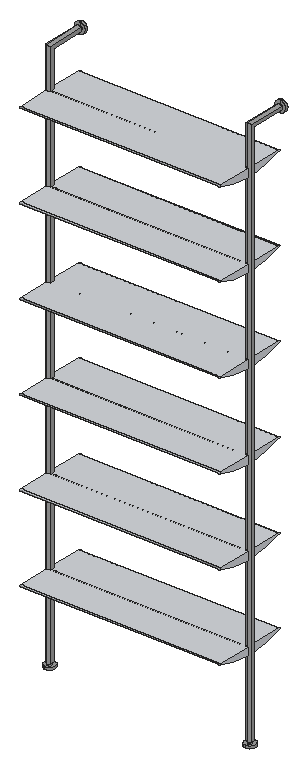
Revit family "Sailor_Modulo_Base_Parete", category Arredi, Revit 2017
Family settings
  Numero OmniClass = 23.40.20.00
  Titolo OmniClass = General Furniture and Specialties
  Basato su piano di lavoro = No
  Sempre verticale = Sì
  Taglio con vuoti quando caricato = No
  Condiviso = No
  Punto di calcolo locali = No
Parameters
  VisibRipiano6 [instance] = yes
  VisibRipiano5 [instance] = yes
  VisibRipiano4 [instance] = yes
  VisibRipiano3 [instance] = yes
  VisibRipiano1 [instance] = yes
  VisibRipiano2 [instance] = yes
  URL = "www.livingdivani.it"
  Ripiani = none
  Produttore = "Living Divani"
  PrimaAsta = yes
  Modello = "Sailor"
  LunghezzaRipiano [instance] = 900 mm
  Aste = Materiale per il rendering 128-128-128
Reference planes
  plane 1 "Centro (Fronte/Retro)": y = 0
  plane 2: z = 0
  plane 3 "Centro (Sinistra/Destra)": x = 0
  plane 4: y = 0
  plane 5 "Lunghezza Ripiano": x = 900
  plane 6 "primo ripiano": z = 383
  plane 7: y = 0
  plane 8: y = 0
  plane 9: y = 0
  plane 10: y = 0
  plane 11: y = 0
Forms (mm)
  Revolve 1, solid, material "Materiale per il rendering 128-128-128" <- "Aste", visible <- "PrimaAsta"
    sketch origin (0, 0, 0) x (0, 1, 0) y (0, 0, 1)
      loop
        line (0, 20) -> (0, 0) -> (19, 0) -> (20.125, 2.25) -> (25, 2.25) -> (25, 9.915) -> (7.761, 9.915) -> (6.996, 12.974) -> (5, 12.974) -> (5, 14.189) -> (7.229, 20) -> (0, 20)
      axis (0, 0) -> (0, 20)
    angle from 0 to 360
  Extrusion 2, solid, material <- "Ripiani", visible <- "VisibRipiano1"
    sketch origin (0, -315.449, -968.719) x (0, 1, 0) y (0, 0, 1)
      loop
        arc (153.449, 1369.219) -> (150.496, 1366.748) -> (152.408, 1363.405) r 3
        arc (152.408, 1363.405) -> (315.449, 1334.219) -> (478.489, 1363.405) r 469.983
        arc (478.489, 1363.405) -> (480.402, 1366.748) -> (477.449, 1369.219) r 3
        line (477.449, 1369.219) -> (153.449, 1369.219)
      loop
        circle (315.449, 1351.719) r 8
    from 0 to 900 <- "LunghezzaRipiano"
  Extrusion 3, solid, visible <- "PrimaAsta", not visible
    sketch origin (0, 0, 0) x (1, 0, 0) y (0, 1, 0)
      loop
        line (12.5, 7.217) -> (0, 14.434) -> (-12.5, 7.217) -> (-12.5, -7.217) -> (0, -14.434) -> (12.5, -7.217) -> (12.5, 7.217)
    from 20 to 2670
  Revolve 4, solid, visible <- "PrimaAsta", not visible
    sketch origin (0, 0, 0) x (0, 1, 0) y (0, 0, 1)
      loop
        line (0, 20) -> (0, 0) -> (19, 0) -> (20.125, 2.25) -> (25, 2.25) -> (25, 9.915) -> (7.761, 9.915) -> (6.996, 12.974) -> (5, 12.974) -> (5, 14.189) -> (7.229, 20) -> (0, 20)
      axis (0, 0) -> (0, 20)
    angle from 0 to 360
  Revolve 5, solid, visible <- "PrimaAsta", not visible
    sketch origin (0, 0, 2690) x (0, 1, 0) y (0, 0, -1)
      loop
        line (0, 20) -> (0, 0) -> (19, 0) -> (20.125, 2.25) -> (25, 2.25) -> (25, 9.915) -> (7.761, 9.915) -> (6.996, 12.974) -> (5, 12.974) -> (5, 14.189) -> (7.229, 20) -> (0, 20)
      axis (0, 0) -> (0, 20)
    angle from 0 to 360
  Revolve 6, solid, material "Materiale per il rendering 128-128-128" <- "Aste"
    sketch origin (900, 0, 0) x (0, 1, 0) y (0, 0, 1)
      loop
        line (0, 20) -> (0, 0) -> (19, 0) -> (20.125, 2.25) -> (25, 2.25) -> (25, 9.915) -> (7.761, 9.915) -> (6.996, 12.974) -> (5, 12.974) -> (5, 14.189) -> (7.229, 20) -> (0, 20)
      axis (0, 0) -> (0, 20)
    angle from 0 to 360
  Extrusion 7, solid, material <- "Ripiani", visible <- "VisibRipiano2"
    sketch origin (0, -315.449, -583.719) x (0, 1, 0) y (0, 0, 1)
      loop
        arc (153.449, 1369.219) -> (150.496, 1366.748) -> (152.408, 1363.405) r 3
        arc (152.408, 1363.405) -> (315.449, 1334.219) -> (478.489, 1363.405) r 469.983
        arc (478.489, 1363.405) -> (480.402, 1366.748) -> (477.449, 1369.219) r 3
        line (477.449, 1369.219) -> (153.449, 1369.219)
      loop
        circle (315.449, 1351.719) r 8
    from 0 to 900 <- "LunghezzaRipiano"
  Extrusion 8, solid, material <- "Ripiani", visible <- "VisibRipiano3"
    sketch origin (0, -315.449, -198.719) x (0, 1, 0) y (0, 0, 1)
      loop
        arc (153.449, 1369.219) -> (150.496, 1366.748) -> (152.408, 1363.405) r 3
        arc (152.408, 1363.405) -> (315.449, 1334.219) -> (478.489, 1363.405) r 469.983
        arc (478.489, 1363.405) -> (480.402, 1366.748) -> (477.449, 1369.219) r 3
        line (477.449, 1369.219) -> (153.449, 1369.219)
      loop
        circle (315.449, 1351.719) r 8
    from 0 to 900 <- "LunghezzaRipiano"
  Extrusion 9, solid, material <- "Ripiani", visible <- "VisibRipiano4"
    sketch origin (0, -315.449, 186.281) x (0, 1, 0) y (0, 0, 1)
      loop
        arc (153.449, 1369.219) -> (150.496, 1366.748) -> (152.408, 1363.405) r 3
        arc (152.408, 1363.405) -> (315.449, 1334.219) -> (478.489, 1363.405) r 469.983
        arc (478.489, 1363.405) -> (480.402, 1366.748) -> (477.449, 1369.219) r 3
        line (477.449, 1369.219) -> (153.449, 1369.219)
      loop
        circle (315.449, 1351.719) r 8
    from 0 to 900 <- "LunghezzaRipiano"
  Extrusion 10, solid, material <- "Ripiani", visible <- "VisibRipiano5"
    sketch origin (0, -315.449, 571.281) x (0, 1, 0) y (0, 0, 1)
      loop
        arc (153.449, 1369.219) -> (150.496, 1366.748) -> (152.408, 1363.405) r 3
        arc (152.408, 1363.405) -> (315.449, 1334.219) -> (478.489, 1363.405) r 469.983
        arc (478.489, 1363.405) -> (480.402, 1366.748) -> (477.449, 1369.219) r 3
        line (477.449, 1369.219) -> (153.449, 1369.219)
      loop
        circle (315.449, 1351.719) r 8
    from 0 to 900 <- "LunghezzaRipiano"
  Extrusion 11, solid, material <- "Ripiani", visible <- "VisibRipiano6"
    sketch origin (0, -315.449, 956.281) x (0, 1, 0) y (0, 0, 1)
      loop
        arc (153.449, 1369.219) -> (150.496, 1366.748) -> (152.408, 1363.405) r 3
        arc (152.408, 1363.405) -> (315.449, 1334.219) -> (478.489, 1363.405) r 469.983
        arc (478.489, 1363.405) -> (480.402, 1366.748) -> (477.449, 1369.219) r 3
        line (477.449, 1369.219) -> (153.449, 1369.219)
      loop
        circle (315.449, 1351.719) r 8
    from 0 to 900 <- "LunghezzaRipiano"
  Extrusion 12, void
    sketch origin (-112.713, -21.581, 0) x (1, 0, 0) y (0, 1, 0)
      loop
        line (112.713, 36.015) -> (112.713, 7.147) -> (125.213, 14.364) -> (125.213, 28.798) -> (112.713, 36.015)
    from 361.476 to 406.494
  Extrusion 13, void
    sketch origin (862.713, -21.581, 0) x (-1, 0, 0) y (0, -1, 0)
      loop
        line (-37.287, -36.015) -> (-24.787, -28.798) -> (-24.787, -14.364) -> (-37.287, -7.147) -> (-37.287, -36.015)
    from 361.476 to 406.494
  Extrusion 14, void
    sketch origin (-112.713, -21.581, 385.443) x (0, -1, 0) y (1, 0, 0)
      loop
        line (-36.015, 112.713) -> (-7.147, 112.713) -> (-14.364, 125.213) -> (-28.798, 125.213) -> (-36.015, 112.713)
    from 361.476 to 406.494
  Extrusion 15, void
    sketch origin (862.713, -21.581, 385.443) x (0, 1, 0) y (-1, 0, 0)
      loop
        line (36.015, -37.287) -> (28.798, -24.787) -> (14.364, -24.787) -> (7.147, -37.287) -> (36.015, -37.287)
    from 361.476 to 406.494
  Extrusion 16, void
    sketch origin (-112.713, -21.581, 770.443) x (0, -1, 0) y (1, 0, 0)
      loop
        line (-36.015, 112.713) -> (-7.147, 112.713) -> (-14.364, 125.213) -> (-28.798, 125.213) -> (-36.015, 112.713)
    from 361.476 to 406.494
  Extrusion 17, void
    sketch origin (862.713, -21.581, 770.443) x (0, 1, 0) y (-1, 0, 0)
      loop
        line (36.015, -37.287) -> (28.798, -24.787) -> (14.364, -24.787) -> (7.147, -37.287) -> (36.015, -37.287)
    from 361.476 to 406.494
  Extrusion 18, void
    sketch origin (-112.713, -21.581, 1155.443) x (0, -1, 0) y (1, 0, 0)
      loop
        line (-36.015, 112.713) -> (-7.147, 112.713) -> (-14.364, 125.213) -> (-28.798, 125.213) -> (-36.015, 112.713)
    from 361.476 to 406.494
  Extrusion 19, void
    sketch origin (862.713, -21.581, 1155.443) x (0, 1, 0) y (-1, 0, 0)
      loop
        line (36.015, -37.287) -> (28.798, -24.787) -> (14.364, -24.787) -> (7.147, -37.287) -> (36.015, -37.287)
    from 361.476 to 406.494
  Extrusion 20, void
    sketch origin (-112.713, -21.581, 1540.443) x (0, -1, 0) y (1, 0, 0)
      loop
        line (-36.015, 112.713) -> (-7.147, 112.713) -> (-14.364, 125.213) -> (-28.798, 125.213) -> (-36.015, 112.713)
    from 361.476 to 406.494
  Extrusion 21, void
    sketch origin (862.713, -21.581, 1540.443) x (0, 1, 0) y (-1, 0, 0)
      loop
        line (36.015, -37.287) -> (28.798, -24.787) -> (14.364, -24.787) -> (7.147, -37.287) -> (36.015, -37.287)
    from 361.476 to 406.494
  Extrusion 22, void
    sketch origin (-112.713, -21.581, 1925.443) x (0, -1, 0) y (1, 0, 0)
      loop
        line (-36.015, 112.713) -> (-7.147, 112.713) -> (-14.364, 125.213) -> (-28.798, 125.213) -> (-36.015, 112.713)
    from 361.476 to 406.494
  Extrusion 23, void
    sketch origin (862.713, -21.581, 1925.443) x (0, 1, 0) y (-1, 0, 0)
      loop
        line (36.015, -37.287) -> (28.798, -24.787) -> (14.364, -24.787) -> (7.147, -37.287) -> (36.015, -37.287)
    from 361.476 to 406.494
  Sweep 24, solid, material "Materiale per il rendering 128-128-128" <- "Aste", visible <- "PrimaAsta"
    path origin (0, 0, 0) x (0, 1, 0) y (0, 0, 1)
      loop
        line (0, 20) -> (0, 2496) -> (160.566, 2496)
    profile origin (0, 0, 1258) x (0, -1, 0) y (1, 0, 0)
      loop
        line (-14.434, 0) -> (-7.217, -12.5) -> (7.217, -12.5) -> (14.434, 0) -> (7.217, 12.5) -> (-7.217, 12.5) -> (-14.434, 0)
  Revolve 25, solid, material "Materiale per il rendering 128-128-128" <- "Aste", visible <- "PrimaAsta"
    sketch origin (0, 180.566, 2496) x (0, 0, 1) y (0, -1, 0)
      loop
        line (0, 20) -> (0, -15) -> (3, -15) -> (3, 0) -> (19, 0) -> (20.125, 2.25) -> (25, 2.25) -> (25, 9.915) -> (7.761, 9.915) -> (6.996, 12.974) -> (5, 12.974) -> (5, 14.189) -> (7.229, 20) -> (0, 20)
      axis (0, -15) -> (0, 20)
    angle from 0 to 360
  Sweep 26, solid, material "Materiale per il rendering 128-128-128" <- "Aste"
    path origin (900, 551.923, 1200) x (0, 1, 0) y (0, 0, 1)
      loop
        line (-551.923, -1180) -> (-551.923, 1296) -> (-391.357, 1296)
    profile origin (900, 0, 1258) x (0, -1, 0) y (1, 0, 0)
      loop
        line (14.434, 0) -> (7.217, 12.5) -> (-7.217, 12.5) -> (-14.434, 0) -> (-7.217, -12.5) -> (7.217, -12.5) -> (14.434, 0)
  Revolve 27, solid, material "Materiale per il rendering 128-128-128" <- "Aste"
    sketch origin (900, 180.566, 2496) x (0, 0, 1) y (0, 1, 0)
      loop
        line (0, -20) -> (7.229, -20) -> (5, -14.189) -> (5, -12.974) -> (6.996, -12.974) -> (7.761, -9.915) -> (25, -9.915) -> (25, -2.25) -> (20.125, -2.25) -> (19, 0) -> (3, 0) -> (3, 15) -> (0, 15) -> (0, -20)
      axis (0, 15) -> (0, -20)
    angle from 0 to 360
Cuts and joins
  Extrusion 12, Extrusion 13, Extrusion 14, Extrusion 15 cuts Extrusion 2
  Extrusion 12, Extrusion 13, Extrusion 22, Extrusion 23 cuts Extrusion 11
  Extrusion 14, Extrusion 15, Extrusion 16 cuts Extrusion 7
  Extrusion 16, Extrusion 17, Extrusion 18 cuts Extrusion 8
  Extrusion 18, Extrusion 19, Extrusion 20 cuts Extrusion 9
  Extrusion 20, Extrusion 21, Extrusion 22 cuts Extrusion 10
Dimensions and locks
  equal spacing: Extrusion 2 sketch curve, plane 4, Extrusion 2 sketch curve, locked at 165 each
  "LunghezzaRipiano": plane 3 "Centro (Sinistra/Destra)" to plane 5 "Lunghezza Ripiano"
  plane 6 "primo ripiano" to level = 383 mm
  equal spacing: Extrusion 7 sketch curve, plane 7, Extrusion 7 sketch curve, locked at 165 each
  Extrusion 7 to plane 6 "primo ripiano" = 385 mm
  equal spacing: Extrusion 8 sketch curve, plane 8, Extrusion 8 sketch curve, locked at 165 each
  equal spacing: Extrusion 9 sketch curve, plane 9, Extrusion 9 sketch curve, locked at 165 each
  equal spacing: Extrusion 10 sketch curve, plane 10, Extrusion 10 sketch curve, locked at 165 each
  equal spacing: Extrusion 11 sketch curve, plane 11, Extrusion 11 sketch curve, locked at 165 each
  aligned and locked: level to plane 2
  aligned and locked: plane 4 to plane 1 "Centro (Fronte/Retro)"
  aligned and locked: plane 6 "primo ripiano" to Extrusion 2
  aligned and locked: cut or joined group of Extrusion 11, Extrusion 12, Extrusion 13, Extrusion 22, Extrusion 23 to cut or joined group of Extrusion 2, Extrusion 12, Extrusion 13, Extrusion 14, Extrusion 15  (x2)
  aligned and locked: plane 5 "Lunghezza Ripiano" to Revolve 6
  aligned and locked: Sweep 24 to Revolve 25
  aligned and locked: plane 5 "Lunghezza Ripiano" to Revolve 27
Automatic sketch dimensions
  Extrusion 3 sketch curve to Extrusion 3 sketch curve = 7.217 mm  (x4)
  Revolve 4 sketch curve to Revolve 4 sketch curve = 1.996 mm
  Revolve 4 sketch curve to Revolve 4 sketch curve = 2.229 mm
  Revolve 4 sketch curve to Revolve 4 sketch curve = 0.765 mm
  Revolve 4 sketch curve to Revolve 4 sketch curve = 11.239 mm
  Revolve 4 sketch curve to Revolve 4 sketch curve = 1.125 mm
  Revolve 4 sketch curve to Revolve 4 sketch curve = 4.875 mm
  Revolve 4 sketch curve to Revolve 4 sketch curve = 3.059 mm
  Revolve 4 sketch curve to Revolve 4 sketch curve = 1.216 mm
  Revolve 4 sketch curve to Revolve 4 sketch curve = 5.811 mm
  Revolve 4 sketch curve to Revolve 4 sketch curve = 2780 mm
  Revolve 5 sketch curve to Revolve 5 sketch curve = 1.996 mm
  Revolve 5 sketch curve to Revolve 5 sketch curve = 2.229 mm
  Revolve 5 sketch curve to Revolve 5 sketch curve = 0.765 mm
  Revolve 5 sketch curve to Revolve 5 sketch curve = 11.239 mm
  Revolve 5 sketch curve to Revolve 5 sketch curve = 1.125 mm
  Revolve 5 sketch curve to Revolve 5 sketch curve = 4.875 mm
  Revolve 5 sketch curve to Revolve 5 sketch curve = 2.25 mm
  Revolve 5 sketch curve to Revolve 5 sketch curve = 9.915 mm
  Revolve 5 sketch curve to Revolve 5 sketch curve = 3.059 mm
  Revolve 5 sketch curve to Revolve 5 sketch curve = 1.216 mm
  Revolve 5 sketch curve to Revolve 5 sketch curve = 5.811 mm
  Revolve 5 sketch curve to Revolve 5 sketch curve = 0 mm  (x2)
  Extrusion 3 sketch curve to Extrusion 3 sketch curve = 12.5 mm  (x3)
  Extrusion 3 sketch curve to Extrusion 3 sketch curve = 14.434 mm
  Revolve 4 sketch curve to Revolve 4 sketch curve = 5 mm
  Revolve 4 sketch curve to Revolve 4 sketch curve = 2.25 mm
  Revolve 4 sketch curve to Revolve 4 sketch curve = 9.915 mm
  Revolve 4 sketch curve to Revolve 4 sketch curve = 0 mm  (x2)
  Revolve 5 sketch curve to Revolve 5 sketch curve = 5 mm
  Revolve 5 sketch curve to Revolve 5 sketch curve = 2780 mm
  Revolve 1 sketch curve to level = 0 mm  (x2)
  Revolve 1 sketch curve to plane 1 "Centro (Fronte/Retro)" = 0 mm  (x2)
  Revolve 1 sketch curve to plane 1 "Centro (Fronte/Retro)" = 5 mm
  Revolve 1 sketch curve to Revolve 1 sketch curve = 1.996 mm
  Revolve 1 sketch curve to Revolve 1 sketch curve = 2.229 mm
  Revolve 1 sketch curve to Revolve 1 sketch curve = 0.765 mm
  Revolve 1 sketch curve to Revolve 1 sketch curve = 11.239 mm
  level to Revolve 1 sketch curve = 2.25 mm
  Revolve 1 sketch curve to Revolve 1 sketch curve = 1.125 mm
  Revolve 1 sketch curve to Revolve 1 sketch curve = 4.875 mm
  level to Revolve 1 sketch curve = 9.915 mm
  Revolve 1 sketch curve to Revolve 1 sketch curve = 3.059 mm
  Revolve 1 sketch curve to Revolve 1 sketch curve = 1.216 mm
  Revolve 1 sketch curve to Revolve 1 sketch curve = 5.811 mm
  plane 6 "primo ripiano" to Revolve 1 sketch curve = 2417 mm
  Extrusion 2 sketch curve to plane 1 "Centro (Fronte/Retro)" = 0 mm  (x2)
  Extrusion 2 sketch curve to plane 6 "primo ripiano" = 0 mm
  plane 6 "primo ripiano" to Extrusion 2 sketch curve = 17.5 mm
  plane 1 "Centro (Fronte/Retro)" to Extrusion 2 sketch curve = 162 mm
  Extrusion 2 sketch curve to plane 1 "Centro (Fronte/Retro)" = 162 mm
  Extrusion 2 sketch curve to Extrusion 2 sketch curve = 3 mm
  Extrusion 2 sketch curve to Extrusion 2 sketch curve = 452.483 mm
  Extrusion 2 sketch curve to Extrusion 2 sketch curve = 0 mm
  Revolve 6 sketch curve to level = 0 mm  (x2)
  Revolve 6 sketch curve to plane 1 "Centro (Fronte/Retro)" = 0 mm  (x2)
  Revolve 6 sketch curve to plane 1 "Centro (Fronte/Retro)" = 5 mm
  Revolve 6 sketch curve to Revolve 6 sketch curve = 1.996 mm
  Revolve 6 sketch curve to Revolve 6 sketch curve = 2.229 mm
  Revolve 6 sketch curve to Revolve 6 sketch curve = 0.765 mm
  Revolve 6 sketch curve to Revolve 6 sketch curve = 11.239 mm
  level to Revolve 6 sketch curve = 2.25 mm
  Revolve 6 sketch curve to Revolve 6 sketch curve = 1.125 mm
  Revolve 6 sketch curve to Revolve 6 sketch curve = 4.875 mm
  level to Revolve 6 sketch curve = 9.915 mm
  Revolve 6 sketch curve to Revolve 6 sketch curve = 3.059 mm
  Revolve 6 sketch curve to Revolve 6 sketch curve = 1.216 mm
  Revolve 6 sketch curve to Revolve 6 sketch curve = 5.811 mm
  plane 6 "primo ripiano" to Revolve 6 sketch curve = 2417 mm
  Extrusion 7 sketch curve to plane 1 "Centro (Fronte/Retro)" = 0 mm  (x2)
  plane 1 "Centro (Fronte/Retro)" to Extrusion 7 sketch curve = 162 mm
  Extrusion 7 sketch curve to plane 1 "Centro (Fronte/Retro)" = 162 mm
  plane 6 "primo ripiano" to Extrusion 7 sketch curve = 385 mm
  Extrusion 7 sketch curve to Extrusion 7 sketch curve = 14.5 mm
  Extrusion 7 sketch curve to Extrusion 7 sketch curve = 3 mm
  Extrusion 7 sketch curve to Extrusion 7 sketch curve = 452.483 mm
  Extrusion 7 sketch curve to Extrusion 7 sketch curve = 0 mm
  Extrusion 8 sketch curve to plane 1 "Centro (Fronte/Retro)" = 0 mm  (x2)
  plane 1 "Centro (Fronte/Retro)" to Extrusion 8 sketch curve = 162 mm
  Extrusion 8 sketch curve to plane 1 "Centro (Fronte/Retro)" = 162 mm
  plane 6 "primo ripiano" to Extrusion 8 sketch curve = 770 mm
  Extrusion 8 sketch curve to Extrusion 8 sketch curve = 14.5 mm
  Extrusion 8 sketch curve to Extrusion 8 sketch curve = 3 mm
  Extrusion 8 sketch curve to Extrusion 8 sketch curve = 452.483 mm
  Extrusion 8 sketch curve to Extrusion 8 sketch curve = 0 mm
  Extrusion 9 sketch curve to plane 1 "Centro (Fronte/Retro)" = 0 mm  (x2)
  plane 1 "Centro (Fronte/Retro)" to Extrusion 9 sketch curve = 162 mm
  Extrusion 9 sketch curve to plane 1 "Centro (Fronte/Retro)" = 162 mm
  plane 6 "primo ripiano" to Extrusion 9 sketch curve = 1155 mm
  Extrusion 9 sketch curve to Extrusion 9 sketch curve = 14.5 mm
  Extrusion 9 sketch curve to Extrusion 9 sketch curve = 3 mm
  Extrusion 9 sketch curve to Extrusion 9 sketch curve = 452.483 mm
  Extrusion 9 sketch curve to Extrusion 9 sketch curve = 0 mm
  Extrusion 10 sketch curve to plane 1 "Centro (Fronte/Retro)" = 0 mm  (x2)
  plane 1 "Centro (Fronte/Retro)" to Extrusion 10 sketch curve = 162 mm
  Extrusion 10 sketch curve to plane 1 "Centro (Fronte/Retro)" = 162 mm
  plane 6 "primo ripiano" to Extrusion 10 sketch curve = 1540 mm
  Extrusion 10 sketch curve to Extrusion 10 sketch curve = 14.5 mm
  Extrusion 10 sketch curve to Extrusion 10 sketch curve = 3 mm
  Extrusion 10 sketch curve to Extrusion 10 sketch curve = 452.483 mm
  Extrusion 10 sketch curve to Extrusion 10 sketch curve = 0 mm
  Extrusion 11 sketch curve to plane 1 "Centro (Fronte/Retro)" = 0 mm  (x2)
  plane 1 "Centro (Fronte/Retro)" to Extrusion 11 sketch curve = 162 mm
  Extrusion 11 sketch curve to plane 1 "Centro (Fronte/Retro)" = 162 mm
  plane 6 "primo ripiano" to Extrusion 11 sketch curve = 1925 mm
  Extrusion 11 sketch curve to Extrusion 11 sketch curve = 14.5 mm
  Extrusion 11 sketch curve to Extrusion 11 sketch curve = 3 mm
  Extrusion 11 sketch curve to Extrusion 11 sketch curve = 452.483 mm
  Extrusion 11 sketch curve to Extrusion 11 sketch curve = 0 mm
  Extrusion 12 sketch curve to plane 3 "Centro (Sinistra/Destra)" = 0 mm
  plane 3 "Centro (Sinistra/Destra)" to Extrusion 12 sketch curve = 12.5 mm
  plane 1 "Centro (Fronte/Retro)" to Extrusion 12 sketch curve = 14.434 mm
  plane 1 "Centro (Fronte/Retro)" to Extrusion 12 sketch curve = 7.217 mm
  Extrusion 12 sketch curve to plane 1 "Centro (Fronte/Retro)" = 7.217 mm
  Extrusion 12 sketch curve to Extrusion 12 sketch curve = 7.217 mm
  Extrusion 13 sketch curve to plane 5 "Lunghezza Ripiano" = 0 mm
  plane 5 "Lunghezza Ripiano" to Extrusion 13 sketch curve = 12.5 mm
  Extrusion 13 sketch curve to plane 1 "Centro (Fronte/Retro)" = 14.434 mm
  Extrusion 13 sketch curve to plane 1 "Centro (Fronte/Retro)" = 7.217 mm
  plane 1 "Centro (Fronte/Retro)" to Extrusion 13 sketch curve = 7.217 mm
  plane 1 "Centro (Fronte/Retro)" to Extrusion 13 sketch curve = 14.434 mm
  Extrusion 14 sketch curve to plane 3 "Centro (Sinistra/Destra)" = 0 mm
  Extrusion 14 sketch curve to plane 1 "Centro (Fronte/Retro)" = 14.434 mm
  Extrusion 14 sketch curve to plane 1 "Centro (Fronte/Retro)" = 7.217 mm
  plane 1 "Centro (Fronte/Retro)" to Extrusion 14 sketch curve = 7.217 mm
  Extrusion 14 sketch curve to Extrusion 14 sketch curve = 7.217 mm
  plane 3 "Centro (Sinistra/Destra)" to Extrusion 14 sketch curve = 12.5 mm
  Extrusion 15 sketch curve to plane 5 "Lunghezza Ripiano" = 0 mm
  plane 1 "Centro (Fronte/Retro)" to Extrusion 15 sketch curve = 14.434 mm
  plane 1 "Centro (Fronte/Retro)" to Extrusion 15 sketch curve = 7.217 mm
  Extrusion 15 sketch curve to plane 1 "Centro (Fronte/Retro)" = 7.217 mm
  Extrusion 15 sketch curve to plane 1 "Centro (Fronte/Retro)" = 14.434 mm
  Extrusion 15 sketch curve to plane 5 "Lunghezza Ripiano" = 12.5 mm
  Extrusion 16 sketch curve to plane 3 "Centro (Sinistra/Destra)" = 0 mm
  Extrusion 16 sketch curve to plane 1 "Centro (Fronte/Retro)" = 14.434 mm
  Extrusion 16 sketch curve to plane 1 "Centro (Fronte/Retro)" = 7.217 mm
  plane 1 "Centro (Fronte/Retro)" to Extrusion 16 sketch curve = 7.217 mm
  Extrusion 16 sketch curve to Extrusion 16 sketch curve = 7.217 mm
  plane 3 "Centro (Sinistra/Destra)" to Extrusion 16 sketch curve = 12.5 mm
  Extrusion 17 sketch curve to plane 5 "Lunghezza Ripiano" = 0 mm
  plane 1 "Centro (Fronte/Retro)" to Extrusion 17 sketch curve = 14.434 mm
  plane 1 "Centro (Fronte/Retro)" to Extrusion 17 sketch curve = 7.217 mm
  Extrusion 17 sketch curve to plane 1 "Centro (Fronte/Retro)" = 7.217 mm
  Extrusion 17 sketch curve to plane 1 "Centro (Fronte/Retro)" = 14.434 mm
  Extrusion 17 sketch curve to plane 5 "Lunghezza Ripiano" = 12.5 mm
  Extrusion 18 sketch curve to plane 3 "Centro (Sinistra/Destra)" = 0 mm
  Extrusion 18 sketch curve to plane 1 "Centro (Fronte/Retro)" = 14.434 mm
  Extrusion 18 sketch curve to plane 1 "Centro (Fronte/Retro)" = 7.217 mm
  plane 1 "Centro (Fronte/Retro)" to Extrusion 18 sketch curve = 7.217 mm
  Extrusion 18 sketch curve to Extrusion 18 sketch curve = 7.217 mm
  plane 3 "Centro (Sinistra/Destra)" to Extrusion 18 sketch curve = 12.5 mm
  Extrusion 19 sketch curve to plane 5 "Lunghezza Ripiano" = 0 mm
  plane 1 "Centro (Fronte/Retro)" to Extrusion 19 sketch curve = 14.434 mm
  plane 1 "Centro (Fronte/Retro)" to Extrusion 19 sketch curve = 7.217 mm
  Extrusion 19 sketch curve to plane 1 "Centro (Fronte/Retro)" = 7.217 mm
  Extrusion 19 sketch curve to plane 1 "Centro (Fronte/Retro)" = 14.434 mm
  Extrusion 19 sketch curve to plane 5 "Lunghezza Ripiano" = 12.5 mm
  Extrusion 20 sketch curve to plane 3 "Centro (Sinistra/Destra)" = 0 mm
  Extrusion 20 sketch curve to plane 1 "Centro (Fronte/Retro)" = 14.434 mm
  Extrusion 20 sketch curve to plane 1 "Centro (Fronte/Retro)" = 7.217 mm
  plane 1 "Centro (Fronte/Retro)" to Extrusion 20 sketch curve = 7.217 mm
  Extrusion 20 sketch curve to Extrusion 20 sketch curve = 7.217 mm
  plane 3 "Centro (Sinistra/Destra)" to Extrusion 20 sketch curve = 12.5 mm
  Extrusion 21 sketch curve to plane 5 "Lunghezza Ripiano" = 0 mm
  plane 1 "Centro (Fronte/Retro)" to Extrusion 21 sketch curve = 14.434 mm
  plane 1 "Centro (Fronte/Retro)" to Extrusion 21 sketch curve = 7.217 mm
  Extrusion 21 sketch curve to plane 1 "Centro (Fronte/Retro)" = 7.217 mm
  Extrusion 21 sketch curve to plane 1 "Centro (Fronte/Retro)" = 14.434 mm
  Extrusion 21 sketch curve to plane 5 "Lunghezza Ripiano" = 12.5 mm
  Extrusion 22 sketch curve to plane 3 "Centro (Sinistra/Destra)" = 0 mm
  Extrusion 22 sketch curve to plane 1 "Centro (Fronte/Retro)" = 14.434 mm
  Extrusion 22 sketch curve to plane 1 "Centro (Fronte/Retro)" = 7.217 mm
  plane 1 "Centro (Fronte/Retro)" to Extrusion 22 sketch curve = 7.217 mm
  Extrusion 22 sketch curve to Extrusion 22 sketch curve = 7.217 mm
  plane 3 "Centro (Sinistra/Destra)" to Extrusion 22 sketch curve = 12.5 mm
  Extrusion 23 sketch curve to plane 5 "Lunghezza Ripiano" = 0 mm
  plane 1 "Centro (Fronte/Retro)" to Extrusion 23 sketch curve = 14.434 mm
  plane 1 "Centro (Fronte/Retro)" to Extrusion 23 sketch curve = 7.217 mm
  Extrusion 23 sketch curve to plane 1 "Centro (Fronte/Retro)" = 7.217 mm
  Extrusion 23 sketch curve to Extrusion 23 sketch curve = 7.217 mm
  Extrusion 23 sketch curve to plane 5 "Lunghezza Ripiano" = 12.5 mm
  Sweep 24 sketch curve to plane 1 "Centro (Fronte/Retro)" = 0 mm
  plane 6 "primo ripiano" to Sweep 24 sketch curve = 2113 mm
  Sweep 24 sketch curve to plane 1 "Centro (Fronte/Retro)" = 160.566 mm
  level to Sweep 24 sketch curve = 20 mm
  Sweep 24 sketch curve to plane 3 "Centro (Sinistra/Destra)" = 0 mm  (x2)
  profile plane to Sweep 24 sketch curve = 14.434 mm
  profile plane to Sweep 24 sketch curve = 7.217 mm  (x2)
  Sweep 24 sketch curve to profile plane = 7.217 mm  (x2)
  Sweep 24 sketch curve to Sweep 24 sketch curve = 7.217 mm
  Sweep 24 sketch curve to plane 3 "Centro (Sinistra/Destra)" = 12.5 mm
  plane 3 "Centro (Sinistra/Destra)" to Sweep 24 sketch curve = 12.5 mm
  Revolve 25 sketch curve to plane 1 "Centro (Fronte/Retro)" = 160.566 mm
  plane 6 "primo ripiano" to Revolve 25 sketch curve = 2113 mm  (x2)
  Revolve 25 sketch curve to Revolve 25 sketch curve = 3 mm
  Revolve 25 sketch curve to Revolve 25 sketch curve = 5 mm
  Revolve 25 sketch curve to plane 1 "Centro (Fronte/Retro)" = 167.593 mm
  Revolve 25 sketch curve to Revolve 25 sketch curve = 1.996 mm
  Revolve 25 sketch curve to Revolve 25 sketch curve = 2.229 mm
  Revolve 25 sketch curve to plane 1 "Centro (Fronte/Retro)" = 170.652 mm
  Revolve 25 sketch curve to Revolve 25 sketch curve = 0.765 mm
  Revolve 25 sketch curve to plane 1 "Centro (Fronte/Retro)" = 180.566 mm
  Revolve 25 sketch curve to Revolve 25 sketch curve = 11.239 mm
  Revolve 25 sketch curve to plane 1 "Centro (Fronte/Retro)" = 178.316 mm
  Revolve 25 sketch curve to Revolve 25 sketch curve = 1.125 mm
  Revolve 25 sketch curve to Revolve 25 sketch curve = 4.875 mm
  Revolve 25 sketch curve to Revolve 25 sketch curve = 15 mm
  Revolve 25 sketch curve to Revolve 25 sketch curve = 1.216 mm
  Revolve 25 sketch curve to Revolve 25 sketch curve = 0 mm
  plane 1 "Centro (Fronte/Retro)" to Revolve 25 sketch curve = 2619.434 mm
  Sweep 26 sketch curve to profile plane = 0 mm  (x2)
  profile plane to Sweep 26 sketch curve = 14.434 mm
  profile plane to Sweep 26 sketch curve = 7.217 mm  (x2)
  Sweep 26 sketch curve to profile plane = 7.217 mm  (x2)
  Sweep 26 sketch curve to profile plane = 14.434 mm
  Sweep 26 sketch curve to profile plane = 12.5 mm
  profile plane to Sweep 26 sketch curve = 12.5 mm
  Revolve 27 sketch curve to plane 1 "Centro (Fronte/Retro)" = 160.566 mm
  plane 6 "primo ripiano" to Revolve 27 sketch curve = 2113 mm  (x2)
  Revolve 27 sketch curve to Revolve 27 sketch curve = 3 mm
  Revolve 27 sketch curve to Revolve 27 sketch curve = 5 mm
  Revolve 27 sketch curve to plane 1 "Centro (Fronte/Retro)" = 167.593 mm
  Revolve 27 sketch curve to Revolve 27 sketch curve = 1.996 mm
  Revolve 27 sketch curve to Revolve 27 sketch curve = 2.229 mm
  Revolve 27 sketch curve to plane 1 "Centro (Fronte/Retro)" = 170.652 mm
  Revolve 27 sketch curve to Revolve 27 sketch curve = 0.765 mm
  Revolve 27 sketch curve to plane 1 "Centro (Fronte/Retro)" = 180.566 mm
  Revolve 27 sketch curve to Revolve 27 sketch curve = 11.239 mm
  Revolve 27 sketch curve to plane 1 "Centro (Fronte/Retro)" = 178.316 mm
  Revolve 27 sketch curve to Revolve 27 sketch curve = 1.125 mm
  Revolve 27 sketch curve to Revolve 27 sketch curve = 4.875 mm
  Revolve 27 sketch curve to Revolve 27 sketch curve = 1.216 mm
  Revolve 27 sketch curve to Revolve 27 sketch curve = 15 mm
  plane 1 "Centro (Fronte/Retro)" to Revolve 27 sketch curve = 2619.434 mm
  Revolve 27 sketch curve to Revolve 27 sketch curve = 0 mm
  Sweep 26 sketch curve to plane 1 "Centro (Fronte/Retro)" = 0 mm
  plane 6 "primo ripiano" to Sweep 26 sketch curve = 2113 mm
  Sweep 26 sketch curve to Sweep 26 sketch curve = 160.566 mm
  level to Sweep 26 sketch curve = 20 mm
  radius of Extrusion 2 sketch curve = 8 mm
  radius of Extrusion 7 sketch curve = 8 mm
  radius of Extrusion 8 sketch curve = 8 mm
  radius of Extrusion 9 sketch curve = 8 mm
  radius of Extrusion 10 sketch curve = 8 mm
  radius of Extrusion 11 sketch curve = 8 mm
